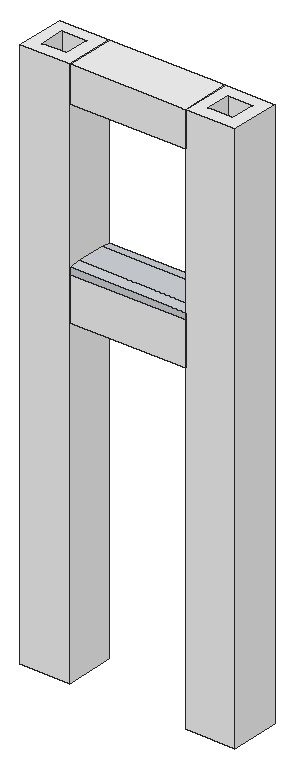
Revit family "GEN_A3-Stone-cladding-columns", category Structural Columns, Revit 2015
Parameters (values of type "Stone Cladding Columns")
  FOUNDATION = 1020 mm
  Depth = 460 mm
  Width = 460 mm
  Assembly Code = ""
Types (2): name
  Family1
  Stone Cladding Columns
Reference planes
  plane 1: z = 0
  plane 2 "Left": x = -230
  plane 3 "Right": x = 370
  plane 4 "Back": y = 230
  plane 5 "Front": y = -370
  plane 6: z = -1020
  plane 7: z = 935
  plane 8: x = 70
  plane 9: y = -70
  plane 10: y = -220
  plane 11: y = 80
  plane 12: x = -80
  plane 13: x = 220
  plane 14: x = 1770
  plane 15: x = 2370
  plane 16: y = 230
  plane 17: y = -370
  plane 18: x = 2070
  plane 19: y = -70
  plane 20: y = -220
  plane 21: y = 80
  plane 22: x = 1920
  plane 23: x = 2220
  plane 24: z = 2890
  plane 25: z = 5585
  plane 26: z = 3060
  plane 27: z = 5585
Forms (mm)
  Extrusion 1, solid, material "pietra stone"
    sketch origin (0, 0, 0) x (1, 0, 0) y (0, 1, 0)
      loop
        line (-230, 230) -> (-230, -370) -> (370, -370) -> (370, 230) -> (-230, 230)
      loop
        line (-80, 80) -> (-80, -220) -> (220, -220) -> (220, 80) -> (-80, 80)
    from -1020 to 5690
  Extrusion 2, solid
    sketch origin (1530, -230, 2475) x (0, 1, 0) y (0, 0, -1)
      loop
        line (460, -935) -> (-140, -935) -> (-140, -1016.73) -> (-10, -1035) -> (330, -1035) -> (460, -1019.038) -> (460, -935)
    from -240 to 1160
  Extrusion 3, solid, material "pietra stone"
    sketch origin (-402.5, 0, 3080) x (0, 0, -1) y (0, 1, 0)
      loop
        line (-330, 230) -> (-330, -370) -> (190, -370) -> (190, 230) -> (-330, 230)
    from 772.5 to 2172.5
  Extrusion 4, solid, material "pietra stone"
    sketch origin (-542.5, 0, 4970) x (0, 0, -1) y (0, 1, 0)
      loop
        line (-720, 230) -> (-720, -370) -> (-290, -370) -> (-290, 230) -> (-720, 230)
    from 912.5 to 2312.5
  Extrusion 5, solid, material "Concrete column"
    sketch origin (0, 0, 0) x (1, 0, 0) y (0, 1, 0)
      loop
        line (-80, 80) -> (-80, -220) -> (220, -220) -> (220, 80) -> (-80, 80)
    from -1020 to 5260
  Extrusion 6, solid, material "pietra stone"
    sketch origin (2000, 0, 0) x (1, 0, 0) y (0, 1, 0)
      loop
        line (-230, 230) -> (-230, -370) -> (370, -370) -> (370, 230) -> (-230, 230)
      loop
        line (-80, 80) -> (-80, -220) -> (220, -220) -> (220, 80) -> (-80, 80)
    from -1020 to 5690
  Extrusion 7, solid, material "Concrete column"
    sketch origin (2000, 0, 0) x (1, 0, 0) y (0, 1, 0)
      loop
        line (-80, 80) -> (-80, -220) -> (220, -220) -> (220, 80) -> (-80, 80)
    from -1020 to 4305
Dimensions and locks
  plane 5 "Front" to plane 4 "Back" = 600 mm
  "FOUNDATION": plane 6 to level
  Extrusion 1 sketch curve to Extrusion 1 sketch curve to Extrusion 1 sketch curve to Extrusion 1 sketch curve = 150 mm, 300 mm, 150 mm
  Extrusion 6 sketch curve to Extrusion 6 sketch curve to Extrusion 6 sketch curve to Extrusion 6 sketch curve = 150 mm, 300 mm, 150 mm
  level to level = 5690 mm
  Extrusion 3 to level = 2890 mm
  plane 25 to plane 24 to level = 2695 mm, 2890 mm
  plane 25 to level = 5585 mm
  aligned: plane 7 to Extrusion 1
  aligned: Extrusion 1 to plane 6
Automatic sketch dimensions
  Extrusion 1 sketch curve to plane 2 "Left" = 0 mm
  Extrusion 1 sketch curve to plane 3 "Right" = 0 mm
  Extrusion 1 sketch curve to plane 5 "Front" = 0 mm
  Extrusion 2 sketch curve to plane 5 "Front" = 0 mm
  Extrusion 2 sketch curve to plane 4 "Back" = 0 mm
  plane 7 to Extrusion 2 sketch curve = 2575 mm
  Extrusion 2 sketch curve to Extrusion 2 sketch curve = 15.962 mm
  Extrusion 2 sketch curve to Extrusion 2 sketch curve = 18.27 mm
  Extrusion 2 sketch curve to Extrusion 2 sketch curve = 81.73 mm
  Extrusion 3 sketch curve to plane 5 "Front" = 0 mm
  Extrusion 3 sketch curve to plane 4 "Back" = 0 mm
  plane 7 to Extrusion 3 sketch curve = 2475 mm
  Extrusion 3 sketch curve to Extrusion 3 sketch curve = 520 mm
  Extrusion 4 sketch curve to level = 0 mm
  Extrusion 4 sketch curve to plane 5 "Front" = 0 mm
  Extrusion 4 sketch curve to plane 4 "Back" = 0 mm
  Extrusion 4 sketch curve to Extrusion 4 sketch curve = 430 mm
  Extrusion 1 sketch curve to plane 2 "Left" = 150 mm
  plane 3 "Right" to Extrusion 1 sketch curve = 150 mm
  Extrusion 2 sketch curve to plane 5 "Front" = 130 mm
  Extrusion 5 sketch curve to plane 2 "Left" = 150 mm
  plane 3 "Right" to Extrusion 5 sketch curve = 150 mm
  Extrusion 5 sketch curve to plane 5 "Front" = 150 mm
  plane 4 "Back" to Extrusion 2 sketch curve = 130 mm
  plane 4 "Back" to Extrusion 5 sketch curve = 150 mm
  plane 5 "Front" to Extrusion 6 sketch curve = 0 mm
  Extrusion 6 sketch curve to plane 14 = 0 mm
  Extrusion 6 sketch curve to plane 22 = 0 mm
  Extrusion 6 sketch curve to plane 23 = 0 mm
  Extrusion 6 sketch curve to plane 15 = 0 mm
  plane 10 to Extrusion 7 sketch curve = 0 mm
  Extrusion 7 sketch curve to plane 22 = 0 mm
  Extrusion 7 sketch curve to plane 23 = 0 mm
  plane 11 to Extrusion 7 sketch curve = 0 mm
